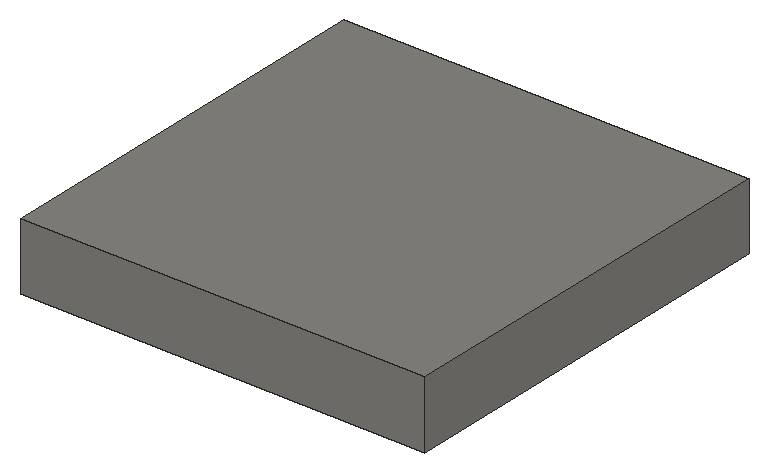
Revit family "Post_Cap-K2_Stone-Newcastle-n1", category Site, Revit 2013
Parameters (values of type "Newcastle")
  Width = if(and(Requested Width < Max Width, Requested Width > Min Width), Requested Width, if(or(Requested Width > Max Width, Requested Width = Max Width), Max Width, Min Width))  # 1' - 0"
  URL = "https://www.k2stone.com/"
  Type Comments = "Post Cap"  # constant formula
  Thickness = if(and(Requested Thickness < Max Thickness, Requested Thickness > Min Thickness), Requested Thickness, if(or(Requested Thickness > Max Thickness, Requested Thickness = Max Thickness), Max Thickness, Min Thickness))  # 0' - 2"
  Requested Width = 1' - 0"
  Requested Thickness = 0' - 2"
  Requested Length = 1' - 0"
  Product Page URL = "https://www.k2stone.com/product/newcastle-cut-top-post-cap/"
  Product Documentation Link = "https://www.k2stone.com/technical-specifications"
  Model = "Newcastle Post Cap"  # constant formula
  Min Width = 1' - 0"  # constant formula
  Min Thickness = 0' - 2"  # constant formula
  Min Length = 1' - 0"  # constant formula
  Max Width = 2' - 0"  # constant formula
  Max Thickness = 0' - 8"  # constant formula
  Max Length = 4' - 0"  # constant formula
  Manufacturer = "K2 Stone"  # constant formula
  Length = if(and(Requested Length < Max Length, Requested Length > Min Length), Requested Length, if(or(Requested Length > Max Length, Requested Length = Max Length), Max Length, Min Length))  # 1' - 0"
  LEED = "https://www.k2stone.com/k2-stone-is-green"
  Finish = Stone-K2-Newcastle
  Description = "Newcastle post caps are one solid piece of sandstone"  # constant formula
  Default Elevation = 4' - 0"
Reference planes (in)
  plane 1 "Center (Front/Back)": y = 0
  plane 2 "Bottom": z = 0
  plane 3 "Center (Left/Right)": x = 0
  plane 4 "Left": x = -6
  plane 5 "Right": x = 6
  plane 6 "Back": y = 6
  plane 7 "Front": y = -6
  plane 8 "Top": z = 2
Forms (in)
  Extrusion 1, solid, material "Stone-K2-Newcastle" <- "Finish"
    sketch origin (0, 0, 0) x (1, 0, 0) y (0, 1, 0)
      loop
        line (-6, -6) -> (6, -6) -> (6, 6) -> (-6, 6) -> (-6, -6)
    from 0 to 2
Dimensions and locks (in)
  equal spacing: plane 6 "Back", plane 1 "Center (Front/Back)", plane 7 "Front"
  equal spacing: plane 4 "Left", plane 3 "Center (Left/Right)", plane 5 "Right"
  "Length": plane 4 "Left" to plane 5 "Right"
  "Width": plane 6 "Back" to plane 7 "Front"
  "Thickness": plane 8 "Top" to level
  aligned and locked: plane 2 "Bottom" to level
  aligned and locked: Extrusion 1 sketch curve to plane 7 "Front"
  aligned and locked: plane 4 "Left" to Extrusion 1 sketch curve
  aligned and locked: plane 6 "Back" to Extrusion 1 sketch curve
  aligned and locked: plane 5 "Right" to Extrusion 1 sketch curve
  aligned and locked: Extrusion 1 to level
  aligned and locked: plane 8 "Top" to Extrusion 1
